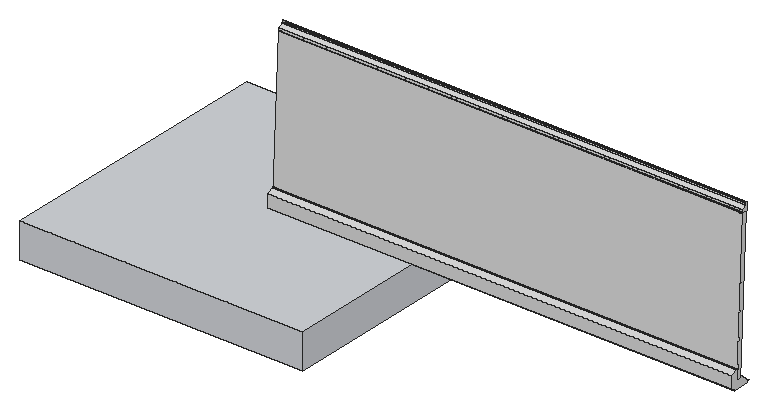
Revit family "G庇 ポールなし", category 一般モデル, Revit 2020
Family settings
  ホスト = 面
  鉄筋をホスト可能 = いいえ
  丸型コネクタ寸法 = 直径を使用
  パーツ タイプ = 標準
  ロード時にボイドで切り取り = いいえ
  共有 = いいえ
  部屋計算ポイント = いいえ
Parameters
  警告：長さL [instance] = no
  警告：出幅D [instance] = no
  説明 = "前方からの雨垂れをなくし、壁面側より雨水を排出できる機能を持つ内勾配庇です。デザインタイプの先端部分を両サイドまで回り込ませた三方枠も好評!"  # constant formula
  製造元 = "株式会社ツヅキ"  # constant formula
  断面図表記 先端部材2 = yes
  断面図表記 先端部材1 = no
  断面図表記 上部ブラケット小 = no
  断面図表記 上部ブラケット大 = yes
  G庇L寸法 [instance] = 4000 mm
  庇 色 = アルミニウム 6063S-T5 シルバー(R) (株)ツヅキ
  実G庇D寸法 [instance] = if(G庇D寸法 < 600 mm, 600 mm, if(G庇D寸法 > 1401 mm, 1400 mm, G庇D寸法))  # 1400 mm
  先端部材長さ [instance] = if(先端部材2, 0 mm, 0 mm)  # 0 mm
  先端部材2 [instance] = yes
  先端部材1 [instance] = no
  上部ブラケット小 [instance] = no
  上部ブラケット大 [instance] = yes
  モデル = "グロンダート　Gシリーズ（サポートポールなし）"  # constant formula
  パネル長さ差分 [instance] = if(先端部材2, 53.1 mm, 13 mm)  # 53.1 mm
  本体パネル長さ [instance] = (実G庇D寸法 / cos(3.00°)) - (パネル長さ差分 + 先端部材長さ + [パネル-躯体間距離])  # 1320.888 mm
  既定の高さ = 1000 mm
  パネル-躯体間距離 [instance] = 27.933 mm
  URL = "https://tuzuki.co.jp/products/#gd"
  G庇D寸法 [instance] = 2500 mm
Reference planes
  plane 1 "中心(正面/背面)": y = 0
  plane 2: z = 0
  plane 3 "中心(左/右)": x = 0
  plane 4: through (0, 3344.555, 869.657) normal (0, -0.0523, -0.9986)
  plane 5: through (0, -20.1, 35.722) normal (0, 0.0523, 0.9986)
  plane 6: through (0, 3344.196, 869.676) normal (0, -0.0523, -0.9986)
  plane 7: through (0, -4.098, 7.126) normal (0, 0.0523, 0.9986)
  plane 8: through (0, 83.067, 2004.279) normal (0, 0.0523, 0.9986)
  plane 9 "パネル根本": through (0, -20.1, 35.722) normal (0, 0.0523, 0.9986)
  plane 10: through (0, -4.086, 6.911) normal (0, -0.0523, -0.9986)
  plane 11: through (0, 100.358, 1999.821) normal (0, 0.9986, -0.0523)
  plane 12: x = 4000
  plane 13: z = 1400
  plane 14 "パネル先端": through (0, 598.769, 1325.989) normal (0, -0.0523, -0.9986)
Forms (mm)
  Extrusion 1, solid
    sketch origin (0, 0.503, 0) x (1, 0, 0) y (0, 1, 0)
      loop
        line (-1219.2, 1219.2) -> (-1219.2, -1219.2) -> (1219.2, -1219.2) -> (1219.2, 1219.2) -> (-1219.2, 1219.2)
    from 0 to -304.8
  Extrusion 2, solid, material "アルミニウム 6063S-T5 シルバー(R) (株)ツヅキ" <- "庇 色"
    sketch origin (0, 3300.637, -2.43) x (0, 1, 0) y (0, 0, 1)
      loop
        line (-3320.379, 38.133) -> (-3285.426, 36.301) -> (-3216.297, 1355.379) -> (-3251.249, 1357.211) -> (-3320.379, 38.133)
    from 0 to 4000
  Extrusion 3, solid, not visible
    sketch origin (0, 3300.278, -2.411) x (0, 1, 0) y (0, 0, 1)
      loop
        line (-3320.379, 38.133) -> (-3285.426, 36.301) -> (-3182.259, 2004.858) -> (-3217.211, 2006.69) -> (-3320.379, 38.133)
    from 0 to 1000
  Sweep 4, solid, not visible
    path in 3D
      loop
        line (1000, 14.852, 33.89) -> (0, 14.852, 33.89)
    profile origin (500, 14.852, 33.89) x (0, 0.052336, 0.99863) y (0, 0.99863, -0.052336)
      loop
        line (9.602, -35.002) -> (7.623, -44.111) -> (-4.145, -43.194) -> (-5.399, -38.529)
        arc (-5.399, -38.529) -> (-7.426, -34.992) -> (-10.931, -32.912) r 8
        line (-10.931, -32.912) -> (-22.065, -29.738) -> (-20.52, -0.256)
        arc (-20.52, -0.256) -> (-20.199, 0.427) -> (-19.492, 0.691) r 1
        line (-19.492, 0.691) -> (-15.27, 0.564) -> (-15.342, -0.8) -> (-13.844, -0.878) -> (-13.771, 0.518) -> (-2.173, 0.168) -> (-2.26, -1.485) -> (-0.262, -1.59) -> (-0.173, 0.108) -> (5.734, 0.098) -> (9.744, 0.189) -> (12.477, 0.746) -> (12.091, 1.916) -> (-1.367, 4.076) -> (-16.047, 4.845) -> (-15.786, 9.838) -> (-19.181, 10.016) -> (-19.748, 6.841) -> (-23.742, 7.051) -> (-23.974, 10.267) -> (-26.471, 10.398) -> (-28.865, -35.289) -> (-18.277, -37.761)
        arc (-18.277, -37.761) -> (-17.314, -38.481) -> (-17.189, -39.676) r 1.5
        line (-17.189, -39.676) -> (-18.256, -43.033) -> (-21.951, -43.249) -> (-22.495, -41.531) -> (-24.174, -41.196) -> (-23.224, -44.197) -> (-22.067, -45.058) -> (-17.331, -44.782)
        arc (-17.331, -44.782) -> (-16.775, -44.573) -> (-16.436, -44.085) r 1
        line (-16.436, -44.085) -> (-15.803, -42.082) -> (-10.61, -42.354) -> (-9.897, -45.542)
        arc (-9.897, -45.542) -> (-8.245, -48.269) -> (-5.279, -49.443) r 5
        line (-5.279, -49.443) -> (7.749, -50.126)
        arc (7.749, -50.126) -> (11.049, -49.103) -> (12.898, -46.184) r 5
        line (12.898, -46.184) -> (14.121, -40.502) -> (38.855, -40.502) -> (38.645, -44.5) -> (43.782, -38.93) -> (41.247, -38.797) -> (41.446, -35.002) -> (9.602, -35.002)
Lines and regions (mm)
  reference lines, not visible
    curve 1: line (0, -2.624, 34.806) -> (0, -7.858, -65.057)
    curve 2: line (0, -67.014, 12.145) -> (0, 222.589, -3.033)
  sketch lines, not visible
    curve 3: line (1000, 14.852, 33.89) -> (0, 14.852, 33.89)
  reference lines
    curve 4: line (0, -2.624, 34.806) -> (0, -4.086, 6.911)
Dimensions and locks
  locked: Extrusion 2 sketch curve to Extrusion 2 sketch curve at 35
  locked: Extrusion 3 sketch curve to Extrusion 3 sketch curve at 35
  "G庇L寸法": plane 3 "中心(左/右)" to plane 12
  "実G庇D寸法": plane 13 to level
  plane 10 to plane 9 "パネル根本" = 27.933 mm
  "本体パネル長さ": plane 9 "パネル根本" to plane 14 "パネル先端"
  angle Extrusion 2 to plane 1 "中心(正面/背面)" = 3.00°
  aligned and locked: plane 2 to Extrusion 1
  aligned and locked: level to Extrusion 1
  aligned and locked: plane 12 to Extrusion 2
  aligned and locked: Extrusion 2 to plane 9 "パネル根本"
  aligned and locked: plane 1 "中心(正面/背面)" to nested 2
  aligned and locked: plane 3 "中心(左/右)" to nested 2
  aligned and locked: plane 12 to nested 3  (x2)
  aligned and locked: plane 1 "中心(正面/背面)" to nested 4
  aligned and locked: plane 12 to nested 4  (x2)
  aligned and locked: plane 3 "中心(左/右)" to nested 5
  aligned and locked: nested 3 to plane 14 "パネル先端"
  aligned and locked: Extrusion 2 to plane 14 "パネル先端"
Automatic sketch dimensions
  Extrusion 1 sketch curve to Extrusion 1 sketch curve = 2438.4 mm  (x2)
  Extrusion 2 sketch curve to plane 9 "パネル根本" = 0 mm  (x2)
  plane 1 "中心(正面/背面)" to Extrusion 2 sketch curve = 19.742 mm
  level to curve 4 = 6.911 mm
  plane 10 to curve 4 = 0 mm
  plane 1 "中心(正面/背面)" to curve 4 = 2.624 mm
  curve 4 to plane 9 "パネル根本" = 0 mm
  Extrusion 2 sketch curve to plane 13 = 45.219 mm
Nested families
  nested 1: "注意表示_F庇 ポール付き" at (259.936, -879.967, 0), type "F庇ポール付き D600-3000"
  nested 2: "上部ブラケット" at (2000, 0, 0), type "上ブラケット小"
    with 断面図表記 上部ブラケット小 no, 上部ブラケット小 no, L 4000 mm
  nested 3: "先端部材" at (0, 66.506, 1353.884) x (1, 0, 0) z (0, 0.0523, 0.9986), 先端部材2 <- "先端部材2", type "先端部材2"
    with 先端部材2 yes, 先端部材1 no, L 4000 mm
  nested 4: "上部ブラケット" at (2000, 0, 0), type "上部ブラケット大"
    with 断面図表記 上部ブラケット大 yes, 上部ブラケット大 yes, L 4000 mm
  nested 5: "先端部材" at (0, 63.672, 1299.821) x (1, 0, 0) z (0, 0.0523, 0.9986), 先端部材1 <- "先端部材1", type "先端部材1"
    with 先端部材2 no, 先端部材1 no, 断面図表記 先端部材1 no, L 4000 mm
Definition of nested family "先端部材"
  Parameters (values of type "先端部材1")
    色 = none
    Default Elevation = 0 mm
    断面図表記 先端部材2 = no
    断面図表記 先端部材1 = yes
    先端部材2 [instance] = no
    先端部材1 [instance] = yes
    L = 8000 mm
  Types (2, lengths in mm): name | 断面図表記 先端部材2 | 断面図表記 先端部材1 | 先端部材2 | 先端部材1
    先端部材1 | no | yes | no | yes
    先端部材2 | yes | no | yes | no
  Reference planes
    plane 1 "中心(正面/背面)": y = 0
    plane 2: z = 0
    plane 3 "中心(左/右)": x = 0
    plane 4: x = 8000
  Forms (mm)
    Extrusion 1, solid, material <- "色", visible <- "先端部材2"
      sketch origin (0, 0, 0) x (0, 1, 0) y (0, 0, 1)
        loop
          line (-23.8, -13.5) -> (-23.8, -15) -> (20.7, -15) -> (20.7, 5.3) -> (23.7, 5.8) -> (21.371, 50.253) -> (13.8, 45)
          arc (13.8, 45) -> (14.49, 43.622) -> (14.727, 42.1) r 5
          arc (14.727, 42.1) -> (13.95, 35.915) -> (11.667, 30.114) r 25
          arc (11.667, 30.114) -> (-1.605, 14.548) -> (-20, 5.6) r 50
          line (-20, 5.6) -> (-20, -13) -> (-23.8, -13.5)
      from 0 to 8000
    Extrusion 2, solid, material <- "色", visible <- "先端部材1"
      sketch origin (0, 0, 0) x (0, 1, 0) y (0, 0, 1)
        loop
          line (23.742, 6.8) -> (-20, 6.8) -> (-20, -13.3) -> (-23.8, -13.8) -> (-23.8, -15) -> (20.7, -15) -> (20.7, 4.8) -> (23.742, 5.307) -> (23.742, 6.8)
      from 0 to 8000
  Dimensions and locks
    "L": plane 3 "中心(左/右)" to plane 4
    aligned and locked: level to plane 2
    aligned and locked: Extrusion 2 to Extrusion 1  (x2)
    aligned and locked: plane 4 to Extrusion 1
    aligned and locked: plane 4 to Extrusion 2
    aligned and locked: Extrusion 1 to plane 3 "中心(左/右)"
  Automatic sketch dimensions
    plane 1 "中心(正面/背面)" to Extrusion 1 sketch curve = 32.213 mm
    plane 1 "中心(正面/背面)" to Extrusion 1 sketch curve = 23.8 mm
    Extrusion 1 sketch curve to Extrusion 1 sketch curve = 3.8 mm
    plane 1 "中心(正面/背面)" to Extrusion 1 sketch curve = 10.273 mm
    Extrusion 1 sketch curve to plane 1 "中心(正面/背面)" = 9.727 mm
    Extrusion 1 sketch curve to Extrusion 1 sketch curve = 4.073 mm
    level to Extrusion 1 sketch curve = 5.3 mm
    Extrusion 1 sketch curve to plane 1 "中心(正面/背面)" = 20.7 mm
    Extrusion 1 sketch curve to Extrusion 1 sketch curve = 7.571 mm
    level to Extrusion 1 sketch curve = 5.8 mm
    Extrusion 1 sketch curve to Extrusion 1 sketch curve = 3 mm
    Extrusion 1 sketch curve to level = 13 mm
    Extrusion 1 sketch curve to Extrusion 1 sketch curve = 0.5 mm
    Extrusion 1 sketch curve to Extrusion 1 sketch curve = 1.5 mm
    level to Extrusion 1 sketch curve = 5.6 mm
    Extrusion 1 sketch curve to Extrusion 1 sketch curve = 36.8 mm
    Extrusion 1 sketch curve to Extrusion 1 sketch curve = 2.9 mm
    Extrusion 1 sketch curve to Extrusion 1 sketch curve = 5.253 mm
    Extrusion 1 sketch curve to Extrusion 1 sketch curve = 11.986 mm
    Extrusion 1 sketch curve to Extrusion 1 sketch curve = 0 mm
    plane 1 "中心(正面/背面)" to Extrusion 2 sketch curve = 23.8 mm
    Extrusion 2 sketch curve to Extrusion 2 sketch curve = 3.8 mm
    level to Extrusion 2 sketch curve = 4.8 mm
    Extrusion 2 sketch curve to plane 1 "中心(正面/背面)" = 20.7 mm
    Extrusion 2 sketch curve to Extrusion 2 sketch curve = 3.042 mm
    Extrusion 2 sketch curve to level = 13.3 mm
    Extrusion 2 sketch curve to Extrusion 2 sketch curve = 0.5 mm
    Extrusion 2 sketch curve to level = 15 mm
    Extrusion 2 sketch curve to Extrusion 2 sketch curve = 0.507 mm
    level to Extrusion 2 sketch curve = 6.8 mm
Definition of nested family "上部ブラケット"
  Parameters (values of type "上ブラケット小")
    色 = none
    Default Elevation = 0 mm
    断面図表記 上部ブラケット小 = yes
    断面図表記 上部ブラケット大 = no
    上部ブラケット小 = yes
    上部ブラケット大 = no
    L = 8000 mm
  Types (2, lengths in mm): name | 断面図表記 上部ブラケット小 | 上部ブラケット小
    上部ブラケット大 | no | no
    上ブラケット小 | yes | yes
  Reference planes
    plane 1 "中心(正面/背面)": y = 0
    plane 2: z = 0
    plane 3 "中心(左/右)": x = 0
    plane 4: x = -4000
    plane 5: x = 4000
  Forms (mm)
    Extrusion 1, solid, material <- "色", visible <- "上部ブラケット大"
      sketch origin (0, 0, 0) x (0, 1, 0) y (0, 0, 1)
        loop
          line (-69.34, 24.4) -> (-32.94, 13.3) -> (-33.44, 5.6) -> (-35.793, 5.6) -> (-35.931, 6.7) -> (-37.14, 6.7) -> (-36.302, 0) -> (94.178, 0) -> (93.6, 15.6) -> (107.2, 18.1) -> (107.2, 18.948)
          arc (107.2, 18.948) -> (107.111, 19.36) -> (106.861, 19.699) r 1
          line (106.861, 19.699) -> (35, 83) -> (31.5, 83) -> (31.5, 69.5) -> (-18.308, 69.5) -> (-13.738, 160.9) -> (-15.44, 160.9) -> (-15.94, 150.9) -> (-69.34, 130.9) -> (-69.34, 24.4)
      from -4000 to 4000
    Extrusion 2, solid, material <- "色", visible <- "上部ブラケット小"
      sketch origin (0, 0, 0) x (0, 1, 0) y (0, 0, 1)
        loop
          line (-15.94, 150.9) -> (-69.34, 130.9) -> (-69.34, 24.4) -> (-32.94, 13.3) -> (-33.804, 0) -> (45.978, 0) -> (45.4, 15.5) -> (58.589, 18.056) -> (38.2, 83) -> (31.7, 83) -> (31.7, 69.5) -> (17.078, 69.5) -> (14.84, 26.8) -> (-20.351, 28.644) -> (-14.238, 150.9) -> (-15.94, 150.9)
      from -4000 to 4000
  Dimensions and locks
    equal spacing: plane 4, plane 3 "中心(左/右)", plane 5
    "L": plane 4 to plane 5
    aligned and locked: level to plane 2
    aligned and locked: Extrusion 1 to plane 4
    aligned and locked: plane 5 to Extrusion 1
    aligned and locked: Extrusion 1 to Extrusion 2
    aligned and locked: Extrusion 2 to Extrusion 1
  Automatic sketch dimensions
    Extrusion 1 sketch curve to level = 0 mm
    plane 1 "中心(正面/背面)" to Extrusion 1 sketch curve = 69.34 mm
    level to Extrusion 1 sketch curve = 6.7 mm
    Extrusion 1 sketch curve to Extrusion 1 sketch curve = 32.2 mm
    Extrusion 1 sketch curve to Extrusion 1 sketch curve = 0.838 mm
    Extrusion 1 sketch curve to Extrusion 1 sketch curve = 1.209 mm
    level to Extrusion 1 sketch curve = 5.6 mm
    Extrusion 1 sketch curve to Extrusion 1 sketch curve = 0.137 mm
    Extrusion 1 sketch curve to Extrusion 1 sketch curve = 2.353 mm
    level to Extrusion 1 sketch curve = 13.3 mm
    Extrusion 1 sketch curve to Extrusion 1 sketch curve = 2.991 mm
    plane 1 "中心(正面/背面)" to Extrusion 1 sketch curve = 18.308 mm
    plane 1 "中心(正面/背面)" to Extrusion 1 sketch curve = 15.94 mm
    Extrusion 1 sketch curve to Extrusion 1 sketch curve = 0.5 mm
    Extrusion 1 sketch curve to Extrusion 1 sketch curve = 1.702 mm
    Extrusion 1 sketch curve to plane 1 "中心(正面/背面)" = 31.5 mm
    Extrusion 1 sketch curve to Extrusion 1 sketch curve = 3.5 mm
    level to Extrusion 1 sketch curve = 15.6 mm
    Extrusion 1 sketch curve to Extrusion 1 sketch curve = 62.1 mm
    Extrusion 1 sketch curve to Extrusion 1 sketch curve = 0.578 mm
    Extrusion 1 sketch curve to Extrusion 1 sketch curve = 12.6 mm
    level to Extrusion 1 sketch curve = 19.699 mm
    Extrusion 1 sketch curve to Extrusion 1 sketch curve = 0.661 mm
    level to Extrusion 1 sketch curve = 18.1 mm
    Extrusion 1 sketch curve to Extrusion 1 sketch curve = 1 mm
    level to Extrusion 1 sketch curve = 24.4 mm
    level to Extrusion 1 sketch curve = 69.5 mm
    Extrusion 1 sketch curve to Extrusion 1 sketch curve = 13.5 mm
    Extrusion 1 sketch curve to Extrusion 1 sketch curve = 61.4 mm
    Extrusion 1 sketch curve to Extrusion 1 sketch curve = 20 mm
    Extrusion 1 sketch curve to Extrusion 1 sketch curve = 10 mm
    Extrusion 2 sketch curve to level = 0 mm
    level to Extrusion 2 sketch curve = 24.4 mm
    plane 1 "中心(正面/背面)" to Extrusion 2 sketch curve = 69.34 mm
    plane 1 "中心(正面/背面)" to Extrusion 2 sketch curve = 33.804 mm
    level to Extrusion 2 sketch curve = 13.3 mm
    Extrusion 2 sketch curve to Extrusion 2 sketch curve = 0.864 mm
    Extrusion 2 sketch curve to Extrusion 2 sketch curve = 12.589 mm
    plane 1 "中心(正面/背面)" to Extrusion 2 sketch curve = 15.94 mm
    Extrusion 2 sketch curve to Extrusion 2 sketch curve = 1.702 mm
    Extrusion 2 sketch curve to plane 1 "中心(正面/背面)" = 14.84 mm
    Extrusion 2 sketch curve to plane 1 "中心(正面/背面)" = 17.078 mm
    Extrusion 2 sketch curve to Extrusion 2 sketch curve = 14.622 mm
    Extrusion 2 sketch curve to Extrusion 2 sketch curve = 6.5 mm
    level to Extrusion 2 sketch curve = 15.5 mm
    Extrusion 2 sketch curve to Extrusion 2 sketch curve = 30.56 mm
    Extrusion 2 sketch curve to Extrusion 2 sketch curve = 0.578 mm
    level to Extrusion 2 sketch curve = 18.056 mm
    Extrusion 2 sketch curve to Extrusion 2 sketch curve = 13.189 mm
    level to Extrusion 2 sketch curve = 26.8 mm
    Extrusion 2 sketch curve to Extrusion 2 sketch curve = 15.344 mm
    Extrusion 2 sketch curve to Extrusion 2 sketch curve = 13.5 mm
    Extrusion 2 sketch curve to Extrusion 2 sketch curve = 61.4 mm
    Extrusion 2 sketch curve to Extrusion 2 sketch curve = 20 mm
Definition of nested family "注意表示_F庇 ポール付き"
  Parameters (values of type "F庇ポール付き D600-3000")
    警告文表示 = if(or(警告：出幅D, 警告：長さL, 警告3, 警告4, 警告5, 警告6), "【警告事項】", "")  # ""
    警告文2表示 = if(or(警告：出幅D, 警告：長さL, 警告3, 警告4, 警告5, 警告6), "ご不明な点につきましては弊社までお問い合わせください。", "")  # ""
    警告文1表示 = if(or(警告：出幅D, 警告：長さL, 警告3, 警告4, 警告5, 警告6), "庇L寸法が15000mmを超える場合は10mmのシーリング目地を設けて2分割としてください。", "")  # ""
    警告6 = no
    警告5 = no
    警告4 = no
    警告：出幅D = no
    警告3 = no
    警告：長さL = no
    注意文表示 = "【注意喚起】"  # constant formula
    注意文4 = "　　ご不明な点につきましては弊社までお問い合わせください。※※"  # constant formula
    注意文3 = "※※強度計算は物件ごとに行っております。ポール位置などモデルと異なる場合がございます。"  # constant formula
    注意文2 = "製作および取付不可能なオブジェクトが作成される恐れがございます。"  # constant formula
    注意文1 = "モデルの作成につきまして、適切な数値をご入力いただけない場合、"  # constant formula
    パラメーター6 = if(警告6, "", "")  # ""
    パラメーター5 = if(警告5, "", "")  # ""
    パラメーター4 = if(警告4, "", "")  # ""
    パラメーター3 = if(警告3, "", "")  # ""
    パラメーター2 = if(警告3, "", "")  # ""
    パラメーター1 = if(警告：長さL, "", "")  # ""
  Reference planes
    plane 1: y = 0
    plane 2: x = 0
  Text (mm)
    label "注意文表示\n注意文1\n注意文2\n注意文3\n注意文4\n警告文表示\n警告文1表示\n警告文2表示\nパラメーター1\nパラメーター2\nパラメーター3\nパラメーター4\nパラメーター5\nパラメーター6" at (-24.99, 13.041, 0), shows "注意文表示", "注意文1", "注意文2", "注意文3", "注意文4", "警告文表示", "警告文1表示", "警告文2表示", "パラメーター1", "パラメーター2", "パラメーター3", "パラメーター4", "パラメーター5", "パラメーター6"
